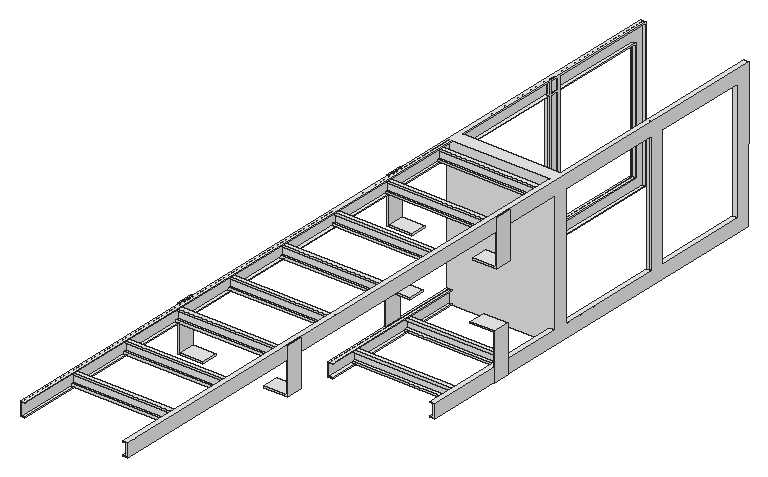
Revit family "Ladder-Precision_Ladders-Fixed_Ladder_w_Parapet_Platform_and_Roof-Side_Return", category Specialty Equipment, host Face, Revit 2014
Parameters (values of type "Fixed Ladder With Parapet Platform & Roofside Return")
  hh [instance] = (Height C - 0' 4")  # 7' - 8"
  ff [instance] = (Steps Array * 1' 0")  # 8' - 0"
  Width = 2' - 2 7/8"  # constant formula
  Wall Depth [instance] = 0' - 10"
  URL = "http://www.precisionladders.com"
  Steps Array C [instance] = if(Steps Array < 2, 2, if((Steps Array * 1' 0") - (Height C - 0' 4") < 0' 4", Steps Array + 1, Steps Array))  # 8
  Steps Array [instance] = roundup((Height C - 0' 4") / 1' 0")  # 8
  S Parapet [instance] = if((Parapet Height + 0' 6") / 1' 0" < 2, 1 = 1, 1 = 0)  # no
  RH [instance] = Height C - Height Above Roof  # 7' - 10 1/2"
  Product Page URL = "http://www.precisionladders.com/products/fixedladders"
  Product Name = "Fixed Ladder w/ Parapet Platform & Roofside Return"  # constant formula
  Product Documentation Link = "http://www.precisionladders.com/assets/pladders/files/resources/Fixed%20Ladder/f~Fixed%20Ladder%20w-%20parapet%20platform%20and%20roof-side%20return%20ladder/fl-06.pdf"
  Parapet Height [instance] = 2' - 0"
  Parapet Depth [instance] = 2' - 8 33/64"
  Overall Width = 2' - 2 1/8"  # constant formula
  Over Parapet Steps [instance] = if((Parapet Height + 0' 6") / 1' 0" < 2, 2, (Parapet Height + 0' 6") / 1' 0")  # 3
  Model = "FL-06"  # constant formula
  Material = ""
  Manufacturer = "Precision Ladders, LLC"  # constant formula
  M Parapet [instance] = if((Parapet Height + 6' 0") / 1' 0" < 2, 1 = 0, 1 = 1)  # yes
  Height C [instance] = if(Height > 20' 0", 20' 0", if(Height < 3' 0", 3' 0", Height))  # 8' - 0"
  Height Above Roof [instance] = 0' - 1 1/2"
  Height [instance] = 8' - 0"
  Finish = Metal - Precision Ladders LLC - Aluminium
  Description = "Fixed Ladder"  # constant formula
  Default Elevation = 0' - 0"
  B5 [instance] = if(RH < 16' 10", 1 = 0, 1 = 1)  # no
  B4 [instance] = if(RH < 12' 10", 1 = 0, 1 = 1)  # no
  B3 [instance] = if(RH < 8' 10", 1 = 0, 1 = 1)  # no
  B2 [instance] = if(RH < 4' 10", 1 = 0, 1 = 1)  # yes
  Additional Mat Finishes = Polyurethane - Precision Ladders LLC - Safety Cap
Reference planes (in)
  plane 1 "Center (Front/Back)": y = 0
  plane 2: z = 0
  plane 3 "Center (Left/Right)": x = 0
  plane 4: x = -7.7137
  plane 5: x = 7.7137
  plane 6: y = -104.5
  plane 7: y = -56.5
  plane 8: y = -8.5
  plane 9: z = 8.5
  plane 10: z = 7.25
  plane 11: x = -9.8387
  plane 12: x = -10.0887
  plane 13: x = 9.8387
  plane 14: x = 10.0887
  plane 15: x = -9.5887
  plane 16: x = 9.5887
  plane 17: y = 7
  plane 18: y = 96
  plane 19: y = 98.5
  plane 20: y = 39.5
  plane 21: y = 87.5
  plane 22: y = 96
  plane 23: y = 84
  plane 24: y = 94.5
  plane 25: y = 100.5
  plane 26: y = 70.5
  plane 27: y = 142.50512
  plane 28: z = -10
  plane 29: z = -18.5
  plane 30: x = 8.9375
  plane 31: x = 9.3881
  plane 32: x = -9.4012
  plane 33: z = 6.03846
  plane 34: y = 141.25
  plane 35: z = -17.25
  plane 36: y = 121.50256
  plane 37: y = 122.65625
  plane 38: y = 118.03125
  plane 39: y = 120.34887
  plane 40: y = 88.5
  plane 41: y = 85.5
Forms (in)
  Extrusion 1, solid, material "Metal - Precision Ladders LLC - Aluminium" <- "Finish"
    sketch origin (0, 0, 0) x (1, 0, 0) y (0, 0, 1)
      loop
        line (-9.8387, 8.5) -> (-9.8387, 6.03846) -> (-8.9375, 6.03846) -> (-8.9375, 6.125) -> (-9.5887, 6.125) -> (-9.5887, 8.375) -> (-8.9375, 8.375) -> (-8.9375, 8.5) -> (-9.8387, 8.5)
      loop
        line (9.8387, 8.5) -> (8.9375, 8.5) -> (8.9375, 8.375) -> (9.5887, 8.375) -> (9.5887, 6.125) -> (8.9375, 6.125) -> (8.9375, 6.03846) -> (9.8387, 6.03846) -> (9.8387, 8.5)
    from -96 to 0
  Sweep 2, solid, material "Metal - Precision Ladders LLC - Aluminium" <- "Finish"
    path origin (-60, 96, 48) x (-1, 0, 0) y (0, 0, 1)
      loop
        line (-69.5887, -40.75) -> (-50.4113, -40.75)
    profile "Step : Step" origin (0, 96, 7.25) x (0, 0, 1) y (0, 1, 0)
      loop
        line (-0.75, -0.21133) -> (0.75, -0.21133) -> (0.75, -0.75) -> (1.125, -0.75) -> (1.125, 0) -> (-1.125, 0) -> (-1.125, -0.75) -> (-0.75, -0.75) -> (-0.75, -0.21133)
  Sweep 3, solid, material "Metal - Precision Ladders LLC - Aluminium" <- "Finish"
    path origin (-60, 84, 48) x (-1, 0, 0) y (0, 0, 1)
      loop
        line (-69.5887, -40.75) -> (-50.4113, -40.75)
    profile "Step : Step" origin (0, 84, 7.25) x (0, 0, 1) y (0, 1, 0)
      loop
        line (-0.75, -0.21133) -> (0.75, -0.21133) -> (0.75, -0.75) -> (1.125, -0.75) -> (1.125, 0) -> (-1.125, 0) -> (-1.125, -0.75) -> (-0.75, -0.75) -> (-0.75, -0.21133)
  Sweep 4, solid, material "Metal - Precision Ladders LLC - Aluminium" <- "Finish"
    path origin (-60, 72, 48) x (-1, 0, 0) y (0, 0, 1)
      loop
        line (-69.5887, -40.75) -> (-50.4113, -40.75)
    profile "Step : Step" origin (0, 72, 7.25) x (0, 0, 1) y (0, 1, 0)
      loop
        line (-0.75, -0.21133) -> (0.75, -0.21133) -> (0.75, -0.75) -> (1.125, -0.75) -> (1.125, 0) -> (-1.125, 0) -> (-1.125, -0.75) -> (-0.75, -0.75) -> (-0.75, -0.21133)
  Sweep 5, solid, material "Metal - Precision Ladders LLC - Aluminium" <- "Finish"
    path origin (-60, 60, 48) x (-1, 0, 0) y (0, 0, 1)
      loop
        line (-69.5887, -40.75) -> (-50.4113, -40.75)
    profile "Step : Step" origin (0, 60, 7.25) x (0, 0, 1) y (0, 1, 0)
      loop
        line (-0.75, -0.21133) -> (0.75, -0.21133) -> (0.75, -0.75) -> (1.125, -0.75) -> (1.125, 0) -> (-1.125, 0) -> (-1.125, -0.75) -> (-0.75, -0.75) -> (-0.75, -0.21133)
  Sweep 6, solid, material "Metal - Precision Ladders LLC - Aluminium" <- "Finish"
    path origin (-60, 48, 48) x (-1, 0, 0) y (0, 0, 1)
      loop
        line (-69.5887, -40.75) -> (-50.4113, -40.75)
    profile "Step : Step" origin (0, 48, 7.25) x (0, 0, 1) y (0, 1, 0)
      loop
        line (-0.75, -0.21133) -> (0.75, -0.21133) -> (0.75, -0.75) -> (1.125, -0.75) -> (1.125, 0) -> (-1.125, 0) -> (-1.125, -0.75) -> (-0.75, -0.75) -> (-0.75, -0.21133)
  Sweep 7, solid, material "Metal - Precision Ladders LLC - Aluminium" <- "Finish"
    path origin (-60, 36, 48) x (-1, 0, 0) y (0, 0, 1)
      loop
        line (-69.5887, -40.75) -> (-50.4113, -40.75)
    profile "Step : Step" origin (0, 36, 7.25) x (0, 0, 1) y (0, 1, 0)
      loop
        line (-0.75, -0.21133) -> (0.75, -0.21133) -> (0.75, -0.75) -> (1.125, -0.75) -> (1.125, 0) -> (-1.125, 0) -> (-1.125, -0.75) -> (-0.75, -0.75) -> (-0.75, -0.21133)
  Sweep 8, solid, material "Metal - Precision Ladders LLC - Aluminium" <- "Finish"
    path origin (-60, 24, 48) x (-1, 0, 0) y (0, 0, 1)
      loop
        line (-69.5887, -40.75) -> (-50.4113, -40.75)
    profile "Step : Step" origin (0, 24, 7.25) x (0, 0, 1) y (0, 1, 0)
      loop
        line (-0.75, -0.21133) -> (0.75, -0.21133) -> (0.75, -0.75) -> (1.125, -0.75) -> (1.125, 0) -> (-1.125, 0) -> (-1.125, -0.75) -> (-0.75, -0.75) -> (-0.75, -0.21133)
  Sweep 9, solid, material "Metal - Precision Ladders LLC - Aluminium" <- "Finish"
    path origin (-60, 12, 48) x (-1, 0, 0) y (0, 0, 1)
      loop
        line (-69.5887, -40.75) -> (-50.4113, -40.75)
    profile "Step : Step" origin (0, 12, 7.25) x (0, 0, 1) y (0, 1, 0)
      loop
        line (-0.75, -0.21133) -> (0.75, -0.21133) -> (0.75, -0.75) -> (1.125, -0.75) -> (1.125, 0) -> (-1.125, 0) -> (-1.125, -0.75) -> (-0.75, -0.75) -> (-0.75, -0.21133)
  Sweep 10, solid, material "Metal - Precision Ladders LLC - Aluminium" <- "Finish"
    path origin (0, 0, 0) x (0, 1, 0) y (0, 0, 1)
      loop
        line (96, 7.25) -> (141.25, 7.25) -> (141.25, -17.25) -> (70.5, -17.25)
    profile origin (0, 118.625, 7.25) x (0, 0, 1) y (1, 0, 0)
      loop
        line (1.25, -8.9375) -> (1.125, -8.9375) -> (1.125, -9.5887) -> (-1.125, -9.5887) -> (-1.125, -8.9375) -> (-1.21154, -8.9375) -> (-1.21154, -9.8387) -> (1.25, -9.8387) -> (1.25, -8.9375)
  Sweep 11, solid, material "Metal - Precision Ladders LLC - Aluminium" <- "Finish"
    path origin (0, 0, 0) x (0, 1, 0) y (0, 0, -1)
      loop
        line (96, -7.25) -> (141.25, -7.25) -> (141.25, 17.25) -> (70.5, 17.25)
    profile origin (0, 118.625, 7.25) x (0, 0, -1) y (-1, 0, 0)
      loop
        line (-1.25, -8.9375) -> (-1.25, -9.8387) -> (1.21154, -9.8387) -> (1.21154, -8.9375) -> (1.125, -8.9375) -> (1.125, -9.5887) -> (-1.125, -9.5887) -> (-1.125, -8.9375) -> (-1.25, -8.9375)
  Extrusion 12, solid, material "Metal - Precision Ladders LLC - Aluminium" <- "Finish"
    sketch origin (0, 0, 0) x (1, 0, 0) y (0, 1, 0)
      loop
        line (-9.8387, 100.5) -> (-9.8387, 98) -> (9.8387, 98) -> (9.8387, 100.5) -> (-9.8387, 100.5)
    from -18.5 to 8.5
  Extrusion 13, solid, material "Metal - Precision Ladders LLC - Aluminium" <- "Finish"
    sketch origin (0, 0, 0) x (1, 0, 0) y (0, 1, 0)
      loop
        line (-9.4012, 122.65625) -> (-9.8387, 122.65625) -> (-9.8387, 120.34887) -> (-9.4012, 120.34887) -> (-8.9375, 120.34887) -> (-8.9375, 120.59887) -> (-9.4012, 120.59887) -> (-9.4012, 122.34887) -> (-8.9375, 122.34887) -> (-8.9375, 122.65625) -> (-9.4012, 122.65625)
      loop
        line (9.4012, 122.65625) -> (8.9375, 122.65625) -> (8.9375, 122.34887) -> (9.3881, 122.34887) -> (9.3881, 120.59887) -> (8.9375, 120.59887) -> (8.9375, 120.34887) -> (9.4012, 120.34887) -> (9.8387, 120.34887) -> (9.8387, 122.65625) -> (9.4012, 122.65625)
    from -18.5 to 8.5
  Sweep 14, solid, material "Metal - Precision Ladders LLC - Aluminium" <- "Finish", visible <- "M Parapet"
    path origin (-60, 100.5, 23.375) x (-1, 0, 0) y (0, 0, 1)
      loop
        line (-69.5887, -40.75) -> (-50.4113, -40.75)
    profile "Step : Step" origin (0, 100.5, -17.375) x (0, 0, 1) y (0, 1, 0)
      loop
        line (-0.75, -0.21133) -> (0.75, -0.21133) -> (0.75, -0.75) -> (1.125, -0.75) -> (1.125, 0) -> (-1.125, 0) -> (-1.125, -0.75) -> (-0.75, -0.75) -> (-0.75, -0.21133)
  Sweep 15, solid, material "Metal - Precision Ladders LLC - Aluminium" <- "Finish", visible <- "M Parapet"
    path origin (-60, 88.5, 23.375) x (-1, 0, 0) y (0, 0, 1)
      loop
        line (-69.5887, -40.75) -> (-50.4113, -40.75)
    profile "Step : Step" origin (0, 88.5, -17.375) x (0, 0, 1) y (0, 1, 0)
      loop
        line (-0.75, -0.21133) -> (0.75, -0.21133) -> (0.75, -0.75) -> (1.125, -0.75) -> (1.125, 0) -> (-1.125, 0) -> (-1.125, -0.75) -> (-0.75, -0.75) -> (-0.75, -0.21133)
  Sweep 16, solid, material "Metal - Precision Ladders LLC - Aluminium" <- "Finish", visible <- "M Parapet"
    path origin (-60, 76.5, 23.375) x (-1, 0, 0) y (0, 0, 1)
      loop
        line (-69.5887, -40.75) -> (-50.4113, -40.75)
    profile "Step : Step" origin (0, 76.5, -17.375) x (0, 0, 1) y (0, 1, 0)
      loop
        line (-0.75, -0.21133) -> (0.75, -0.21133) -> (0.75, -0.75) -> (1.125, -0.75) -> (1.125, 0) -> (-1.125, 0) -> (-1.125, -0.75) -> (-0.75, -0.75) -> (-0.75, -0.21133)
Cuts and joins
  joined: Extrusion 1, Sweep 4, Sweep 10, Sweep 11, Extrusion 12, Extrusion 13
Lines and regions (in)
  Masking region 1, detail levels coarse
    outline origin (-60, 7, 48) x (-1, 0, 0) y (0, 0, 1)
      loop
        line (-70.0887, -48) -> (-68.9375, -48) -> (-68.9375, -39.5) -> (-70.0887, -39.5) -> (-70.0887, -48)
  Masking region 2, detail levels coarse
    outline origin (-79.0262, 7, 48) x (-1, 0, 0) y (0, 0, 1)
      loop
        line (-70.0887, -48) -> (-68.9375, -48) -> (-68.9375, -39.5) -> (-70.0887, -39.5) -> (-70.0887, -48)
  Masking region 3, detail levels coarse
    outline origin (-60, 7, 48) x (-1, 0, 0) y (0, 0, 1)
      loop
        line (-68.9375, -39.625) -> (-68.9375, -41.875) -> (-51.0625, -41.875) -> (-51.0625, -39.625) -> (-68.9375, -39.625)
  Masking region 4, detail levels medium+fine
    outline origin (-60, 7, 48) x (-1, 0, 0) y (0, 0, 1)
      loop
        line (-70.0887, -48) -> (-65.5887, -48) -> (-65.5887, -47.75) -> (-69.8387, -47.75) -> (-69.8387, -39.5) -> (-70.0887, -39.5) -> (-70.0887, -48)
  Masking region 5, detail levels medium+fine
    outline origin (60, 7, 48) x (1, 0, 0) y (0, 0, -1)
      loop
        line (-70.0887, 48) -> (-70.0887, 39.5) -> (-69.8387, 39.5) -> (-69.8387, 47.75) -> (-65.5887, 47.75) -> (-65.5887, 48) -> (-70.0887, 48)
  Masking region 6, detail levels medium+fine
    outline origin (-60, 7, 48) x (-1, 0, 0) y (0, 0, 1)
      loop
        line (-69.8387, -39.5) -> (-69.8387, -41.96154) -> (-68.9375, -41.96154) -> (-68.9375, -41.875) -> (-69.5887, -41.875) -> (-69.5887, -39.625) -> (-68.9375, -39.625) -> (-68.9375, -39.5) -> (-69.8387, -39.5)
  Masking region 7, detail levels medium+fine
    outline origin (-60, 7, 48) x (-1, 0, 0) y (0, 0, 1)
      loop
        line (-50.1613, -39.5) -> (-51.0625, -39.5) -> (-51.0625, -39.625) -> (-50.4113, -39.625) -> (-50.4113, -41.875) -> (-51.0625, -41.875) -> (-51.0625, -41.96154) -> (-50.1613, -41.96154) -> (-50.1613, -39.5)
  Masking region 8, detail levels medium+fine
    outline origin (-60, 7, 48) x (-1, 0, 0) y (0, 0, 1)
      loop
        line (-69.5887, -39.625) -> (-69.5887, -41.875) -> (-50.4113, -41.875) -> (-50.4113, -39.625) -> (-69.5887, -39.625)
Dimensions and locks (in)
  equal spacing: plane 4, plane 3 "Center (Left/Right)", plane 5
  plane 21 to plane 20 to plane 8 to plane 7 to plane 6 = 4' - 0" locked, 4' - 0" locked, 4' - 0" locked, 4' - 0" locked
  locked: plane 9 to level at 8.5
  locked: plane 10 to level at 7.25
  locked: plane 11 to Extrusion 1 sketch curve at 0.9012  (x2)
  locked: plane 9 to Extrusion 1 sketch curve at 2.46154  (x2)
  locked: Extrusion 1 sketch curve to plane 13 at 0.9012  (x2)
  plane 12 to plane 11 to plane 15 = 0' - 0 1/4" locked, 0' - 0 1/4" locked
  plane 16 to plane 13 to plane 14 = 0' - 0 1/4" locked, 0' - 0 1/4" locked
  locked: plane 18 to plane 23 at 12
  equal spacing: group 1, group 2, group 3, group 4, group 5, group 6, group 7, group 8  (x2)
  equal spacing: group 8, group 7, group 6, group 5, group 4, group 3, group 2, group 1
  "RH": plane 24 to plane 1 "Center (Front/Back)"
  locked: Masking region 1 sketch curve to plane 14 at 1.1512
  locked: plane 12 to Masking region 2 sketch curve at 1.1512
  Masking region 3 sketch curve to plane 14 = 0' - 1.1512"
  plane 12 to Masking region 3 sketch curve = 0' - 1.1512"
  Masking region 3 sketch curve to plane 10 to Masking region 3 sketch curve = 0' - 1 1/8" locked, 0' - 1 1/8" locked
  locked: level to Masking region 4 sketch curve at 0.25
  locked: Masking region 4 sketch curve to plane 14 at 4.5
  locked: plane 12 to Masking region 5 sketch curve at 4.5
  locked: level to Masking region 5 sketch curve at 0.25
  Masking region 6 sketch curve to Masking region 6 sketch curve to Masking region 6 sketch curve to plane 9 to Masking region 6 sketch curve = 0' - 0.08654" locked, 0' - 2 1/4" locked, 0' - 0 1/8" locked, 0' - 0" locked
  Masking region 6 sketch curve to Masking region 6 sketch curve to plane 13 = 0' - 0.6512" locked, 0' - 0 1/4" locked
  locked: Masking region 6 sketch curve to plane 13 at 0.9012
  plane 11 to Masking region 7 sketch curve to Masking region 7 sketch curve to Masking region 7 sketch curve = 0' - 0" locked, 0' - 0 1/4" locked, 0' - 0.6512" locked
  Masking region 7 sketch curve to Masking region 7 sketch curve to Masking region 7 sketch curve to plane 9 to Masking region 7 sketch curve = 0' - 0.08654" locked, 0' - 2 1/4" locked, 0' - 0 1/8" locked, 0' - 0" locked
  Masking region 8 sketch curve to Masking region 8 sketch curve to plane 9 = 0' - 2 1/4" locked, 0' - 0 1/8" locked
  locked: Masking region 8 sketch curve to plane 14 at 0.5
  locked: plane 12 to Masking region 8 sketch curve at 0.5
  Extrusion 1 to Extrusion 1 = 1' - 5 7/8"
  locked: Extrusion 1 sketch curve to plane 9 at 0.125  (x2)
  locked: Extrusion 1 sketch curve to plane 9 at 2.375  (x2)
  locked: plane 19 to plane 22 at 2.5
  "Height Above Roof": plane 22 to plane 24
  locked: plane 24 to plane 21 at 7
  locked: plane 22 to plane 18 at 0
  locked: plane 25 to plane 24 at 6
  plane 27 to plane 25 = 3' - 6.00512"
  "Parapet Height": plane 24 to plane 26
  "Wall Depth": plane 28 to plane 2
  Extrusion 1 to plane 13 = 0' - 0.9012"
  equal spacing: plane 30, plane 31, plane 13
  plane 31 to plane 13 = 0' - 0.4506"
  locked: plane 11 to plane 32 at 0.4375
  locked: plane 27 to plane 34 at 1.25512
  locked: plane 35 to plane 29 at 1.25
  plane 33 to plane 10 to plane 9 = 0' - 1.21154", 0' - 1 1/4"
  locked: Sweep 11 sketch curve to Extrusion 1 at 0.125
  locked: Extrusion 1 to Sweep 11 sketch curve at 0.08654
  locked: plane 29 to plane 28 at 8.5
  plane 25 to plane 21 = 1' - 1"
  Extrusion 13 sketch curve to Extrusion 13 sketch curve to plane 31 = 0' - 0" locked, 0' - 0.4506" locked
  plane 32 to Extrusion 13 sketch curve to Extrusion 13 sketch curve = 0' - 0.4637", 0' - 0"
  locked: plane 25 to Extrusion 12 sketch curve at 2.5
  plane 11 to plane 13 = 1' - 7.6774"
  locked: Extrusion 13 sketch curve to plane 39 at 0.25  (x2)
  locked: Extrusion 13 sketch curve to plane 37 at 0.30738  (x2)
  plane 38 to plane 39 to plane 36 to plane 37 = 0' - 2.31762" locked, 0' - 1.15369" locked, 0' - 1.15369" locked
  locked: plane 38 to plane 25 at 17.53125
  locked: plane 25 to plane 40 at 12
  equal spacing: plane 25, plane 41, plane 26
  equal spacing: group 9, group 10, group 11  (x2)
  equal spacing: group 11, group 10, group 9
  aligned and locked: plane 2 to host face
  aligned and locked: level to host face
  aligned and locked: nested 1 to plane 4
  aligned and locked: nested 2 to plane 5
  aligned and locked: Extrusion 1 sketch curve to plane 11
  aligned and locked: plane 9 to Extrusion 1 sketch curve
  aligned and locked: Extrusion 1 sketch curve to plane 13
  aligned and locked: Extrusion 1 sketch curve to plane 9
  aligned and locked: plane 1 "Center (Front/Back)" to Extrusion 1
  aligned and locked: plane 22 to Extrusion 1
  aligned and locked: plane 4 to nested 9
  aligned and locked: plane 4 to nested 7
  aligned and locked: plane 4 to nested 5
  aligned and locked: nested 3 to plane 4
  aligned and locked: nested 10 to plane 5
  aligned and locked: nested 8 to plane 5
  aligned and locked: nested 6 to plane 5
  aligned and locked: plane 5 to nested 4
  aligned and locked: plane 18 to Sweep 2
  aligned and locked: plane 23 to Sweep 3
  aligned and locked: nested 5 to plane 20
  aligned and locked: plane 20 to nested 6
  aligned and locked: plane 21 to nested 4
  aligned and locked: nested 3 to plane 21
  aligned and locked: plane 8 to nested 8
  aligned and locked: nested 7 to plane 8
  aligned and locked: plane 7 to nested 10
  aligned and locked: nested 9 to plane 7
  aligned and locked: plane 6 to nested 2
  aligned and locked: nested 1 to plane 6
  aligned and locked: Masking region 1 sketch curve to level
  aligned and locked: Masking region 1 sketch curve to plane 14
  aligned and locked: Masking region 1 sketch curve to plane 9
  aligned and locked: plane 12 to Masking region 2 sketch curve
  aligned and locked: Masking region 2 sketch curve to plane 9
  aligned and locked: Masking region 2 sketch curve to level
  aligned and locked: Masking region 4 sketch curve to plane 9
  aligned and locked: Masking region 4 sketch curve to level
  aligned and locked: Masking region 4 sketch curve to plane 14
  aligned and locked: Masking region 4 sketch curve to plane 13
  aligned and locked: Masking region 5 sketch curve to plane 12
  aligned and locked: plane 9 to Masking region 5 sketch curve
  aligned and locked: Masking region 5 sketch curve to plane 11
  aligned and locked: level to Masking region 5 sketch curve
  aligned and locked: plane 16 to Extrusion 1 sketch curve
  aligned and locked: plane 15 to Extrusion 1 sketch curve
  aligned and locked: plane 30 to Extrusion 1
  aligned and locked: plane 26 to Sweep 10 sketch curve
  aligned and locked: plane 22 to Sweep 10 sketch curve
  aligned and locked: Sweep 10 sketch curve to plane 34
  aligned and locked: Sweep 10 sketch curve to plane 10
  aligned and locked: plane 35 to Sweep 10 sketch curve
  aligned and locked: plane 11 to Sweep 10 sketch curve
  aligned and locked: Sweep 10 sketch curve to plane 15
  aligned and locked: Sweep 11 sketch curve to plane 10
  aligned and locked: plane 22 to Sweep 11 sketch curve
  aligned and locked: plane 26 to Sweep 11 sketch curve
  aligned and locked: plane 35 to Sweep 11 sketch curve
  aligned and locked: Sweep 11 sketch curve to plane 34
  aligned and locked: plane 13 to Sweep 11 sketch curve
  aligned and locked: Sweep 11 sketch curve to plane 16
  aligned and locked: Extrusion 12 sketch curve to plane 25
  aligned and locked: Extrusion 12 sketch curve to plane 11
  aligned and locked: plane 13 to Extrusion 12 sketch curve
  aligned and locked: Extrusion 12 to plane 29
  aligned and locked: Extrusion 12 to plane 9
  aligned and locked: plane 11 to Extrusion 13 sketch curve
  aligned and locked: Extrusion 13 sketch curve to plane 32
  aligned and locked: plane 13 to Extrusion 13 sketch curve
  aligned and locked: Extrusion 13 sketch curve to plane 31
  aligned and locked: Extrusion 13 to plane 29
  aligned and locked: Extrusion 13 to plane 9
  aligned and locked: plane 37 to Extrusion 13 sketch curve  (x2)
  aligned and locked: plane 39 to Extrusion 13 sketch curve  (x2)
  aligned and locked: Extrusion 13 sketch curve to plane 37  (x2)
  aligned and locked: Extrusion 13 sketch curve to plane 39  (x2)
  aligned and locked: Sweep 14 to plane 29
  aligned and locked: nested 11 to plane 41
  aligned and locked: plane 41 to nested 12
  aligned and locked: nested 11 to plane 12
  aligned and locked: plane 14 to nested 12
  aligned and locked: plane 25 to Sweep 14
Automatic sketch dimensions
  Sweep 2 sketch curve to Sweep 2 sketch curve = 1' - 7.1774"
  Sweep 3 sketch curve to Sweep 3 sketch curve = 1' - 7.1774"
  Sweep 4 sketch curve to Sweep 4 sketch curve = 1' - 7.1774"
  Sweep 5 sketch curve to Sweep 5 sketch curve = 1' - 7.1774"
  Sweep 6 sketch curve to Sweep 6 sketch curve = 1' - 7.1774"
  Sweep 7 sketch curve to Sweep 7 sketch curve = 1' - 7.1774"
  Sweep 8 sketch curve to Sweep 8 sketch curve = 1' - 7.1774"
  Sweep 9 sketch curve to Sweep 9 sketch curve = 1' - 7.1774"
  host sketch curve to host sketch curve = 8' - 0"  (x2)
  plane 13 to Masking region 6 sketch curve = 0' - 0"
  Masking region 7 sketch curve to plane 32 = 0' - 0.4637"
  profile plane to Sweep 10 sketch curve = 0' - 1.21154"
  Sweep 10 sketch curve to Sweep 10 sketch curve = 0' - 0.08654"
  Sweep 10 sketch curve to profile plane = 0' - 1 1/8"
  Sweep 10 sketch curve to Sweep 10 sketch curve = 0' - 0 1/8"
  Sweep 10 sketch curve to Sweep 10 sketch curve = 0' - 0.6512"  (x2)
  Sweep 11 sketch curve to Sweep 11 sketch curve = 0' - 0 1/8"
  Sweep 11 sketch curve to Sweep 11 sketch curve = 0' - 0.08654"
  Sweep 11 sketch curve to Sweep 11 sketch curve = 0' - 0.6512"  (x2)
  Extrusion 13 sketch curve to plane 32 = 0' - 0"  (x2)
  Extrusion 13 sketch curve to plane 31 = 0' - 0.0131"  (x2)
  Sweep 14 sketch curve to Sweep 14 sketch curve = 1' - 7.1774"
  Sweep 15 sketch curve to Sweep 15 sketch curve = 1' - 7.1774"
  Sweep 16 sketch curve to Sweep 16 sketch curve = 1' - 7.1774"
Nested families (in)
  nested 1: "Bracket" at (-10.0887, -106, 0) x (-1, 0, 0) z (0, 0, 1), visible <- "B5", type "Bracket"
  nested 2: "Bracket" at (10.0887, -106, 0), visible <- "B5", type "Bracket"
  nested 3: "Bracket" at (-10.0887, 86, 0) x (-1, 0, 0) z (0, 0, 1), type "Bracket"
  nested 4: "Bracket" at (10.0887, 86, 0), type "Bracket"
  nested 5: "Bracket" at (-10.0887, 38, 0) x (-1, 0, 0) z (0, 0, 1), visible <- "B2", type "Bracket"
  nested 6: "Bracket" at (10.0887, 38, 0), visible <- "B2", type "Bracket"
  nested 7: "Bracket" at (-10.0887, -10, 0) x (-1, 0, 0) z (0, 0, 1), visible <- "B3", type "Bracket"
  nested 8: "Bracket" at (10.0887, -10, 0), visible <- "B3", type "Bracket"
  nested 9: "Bracket" at (-10.0887, -58, 0) x (-1, 0, 0) z (0, 0, 1), visible <- "B4", type "Bracket"
  nested 10: "Bracket" at (10.0887, -58, 0), visible <- "B4", type "Bracket"
  nested 11: "Bracket" at (-10.0887, 85.5, -10) x (-1, 0, 0) z (0, 0, -1), type "Bracket"
  nested 12: "Bracket" at (10.0887, 85.5, -10) x (1, 0, 0) z (0, 0, -1), type "Bracket"
Definition of nested family "Bracket"
  Parameters (values of type "Bracket")
    Finish = none
    Default Elevation = 4' - 0"
  Reference planes (in)
    plane 1 "Center (Front/Back)": y = 0
    plane 2: z = 0
    plane 3 "Center (Left/Right)": x = 0
    plane 4: x = -2.375
    plane 5: x = -4.5
    plane 6: y = 1.5
    plane 7: y = -1.5
  Forms (in)
    Extrusion 1, solid
      sketch origin (0, 0, 0) x (1, 0, 0) y (0, 1, 0)
        loop
          line (-48, 48) -> (-48, -48) -> (48, -48) -> (48, 48) -> (-48, 48)
      from 0 to -12
    Extrusion 2, solid, material <- "Finish"
      sketch origin (0, 0, 0) x (1, 0, 0) y (0, 0, 1)
        loop
          line (0, 0) -> (0, 8.5) -> (-0.25, 8.5) -> (-0.25, 0.25) -> (-4.5, 0.25) -> (-4.5, 0) -> (0, 0)
      from -1.5 to 1.5
  Dimensions and locks (in)
    aligned and locked: plane 2 to Extrusion 1
    aligned and locked: level to Extrusion 1
